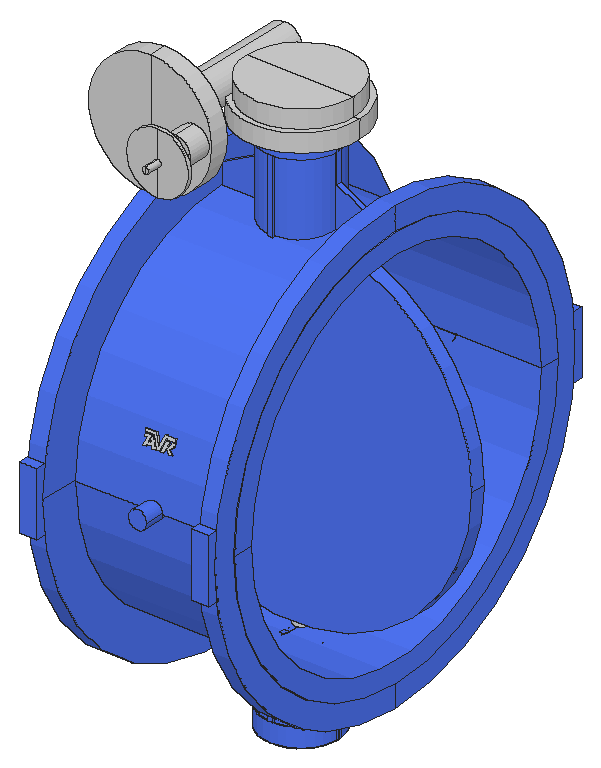
Revit family "756-102-IS4-DN150-1200", category Pipe Accessories, Revit 2019
Family settings
  Round Connector Dimension = Use Diameter
  Part Type = Valve - Breaks Into
  Work Plane-Based = No
  Always vertical = Yes
  Cut with Voids When Loaded = No
  Shared = No
Parameters (values of type "DN1200-PN25")
  W2_ref = size_lookup(Search_table, "W2_Ref", 0.00 mm, DN)  # 204.00 mm
  W2_Ref_2 = W2_ref / 2  # 102.00 mm
  Rib_dia = size_lookup(Search_table, "Rib_Dia", 0.00 mm, DN) / 2  # 40.00 mm
  Offset = size_lookup(Search_table, "Offset", 0.00 mm, DN)  # 3.00 mm
  GB_Width_Ref = if(DN > 599.00 mm, L / 3, if(DN > 149.00 mm, GB_Width, GB_Width))  # 210.00 mm
  GB_Width_3 = size_lookup(Search_table, "GB_Width", 0.00 mm, DN) / 2  # 195.00 mm
  GB_HW = size_lookup(Search_table, "GB_HW", 0.00 mm, DN) / 2  # 260.00 mm
  Disc_width = if(DN > 999.00 mm, 50.00 mm, if(DN > 699.00 mm, 40.00 mm, if(DN > 499.00 mm, 35.00 mm, if(DN > 399.00 mm, 25.00 mm, if(DN > 349.00 mm, 20.00 mm, if(DN > 249.00 mm, 15.00 mm, if(DN > 149.00 mm, 10.00 mm, 10.00 mm)))))))  # 50.00 mm
  Disc_Dia = size_lookup(Search_table, "Disc_Dia", 0.00 mm, DN)  # 1172.50 mm
  DN900-PN25 = "756-0900-1-74002"
  DN900 = yes
  DN800-PN25 = "756-0800-1-74002"
  DN800 = yes
  DN700-PN25 = "756-0700-1-74002"
  DN700 = yes
  DN1200-PN25 = "756-1200-1-74002"
  DN1200 = yes
  DN1000-PN25 = "756-1000-1-74002"
  DN1000 = yes
  C_Rod = if(DN > 999.00 mm, 48.00 mm, if(DN > 699.00 mm, 38.00 mm, if(DN > 499.00 mm, 33.00 mm, if(DN > 399.00 mm, 23.00 mm, if(DN > 349.00 mm, 18.00 mm, if(DN > 249.00 mm, 13.00 mm, if(DN > 149.00 mm, 9.00 mm, 9.00 mm)))))))  # 48.00 mm
  C = size_lookup(Search_table, "C", 0.00 mm, DN)  # 382.00 mm
  W4 = size_lookup(Search_table, "W4", 0.00 mm, DN)  # 987.00 mm
  W3 = size_lookup(Search_table, "W3", 0.00 mm, DN)  # 982.00 mm
  W2 = size_lookup(Search_table, "W2", 0.00 mm, DN)  # 1161.00 mm
  W1 = size_lookup(Search_table, "W1", 0.00 mm, DN)  # 768.00 mm
  URL_product_pages = "https://www.avkvalves.com/P.aspx?no=7560150174002"
  Rib_width_2 = Gear_box_Mount_Flange_width * 2  # 250.00 mm
  Rib_width = L - (Flange_Thickness * 2)  # 510.00 mm
  Rib_height_2 = H1 - Flange_OD  # 154.50 mm
  Rib_depth = if(DN > 149.00 mm, 15.00 mm, if(DN > 299.00 mm, 15.00 mm, if(DN > 399.00 mm, 20.00 mm, 20.00 mm)))  # 15.00 mm
  Rib_height = Flange_OD / 1.1  # 675.00 mm
  Rf_Dia = size_lookup(Search_table, "RF_Dia", 0.00 mm, DN) / 2  # 666.00 mm
  RF_Cut_Thickness = 5.00 mm  # constant formula
  Pin_width = L / 2  # 315.00 mm
  Pin_dia = 60.00 mm
  Pin_Depth = (DN + size_lookup(Search_table, "Flange_OD", 0.00 mm, DN)) / 2  # 1342.50 mm
  L2 = size_lookup(Search_table, "L2", 0.00 mm, DN)  # 272.00 mm
  L1 = size_lookup(Search_table, "L1", 0.00 mm, DN)  # 268.00 mm
  L = size_lookup(Search_table, "L", 0.00 mm, DN)  # 630.00 mm
  ID (Radius) = DN / 2  # 600.00 mm
  H3 = size_lookup(Search_table, "H3", 0.00 mm, DN)  # 899.00 mm
  H2 = size_lookup(Search_table, "H2", 0.00 mm, DN)  # 899.00 mm
  H1 = B - GB_Dia  # 897.00 mm
  Gear_box_depth = A - Body_wallthickness - 25.00 mm  # 470.00 mm
  GB_Width_2 = GB_Width_3 * 0.9  # 175.50 mm
  GB_Width = C - L / 2  # 67.00 mm
  GB_Flange = 5.00 mm  # constant formula
  GB_Dia = size_lookup(Search_table, "GB_Dia", 0.00 mm, DN) / 2  # 60.00 mm
  Flange_Thickness = size_lookup(Search_table, "Flange_Thickness", 0.00 mm, DN)  # 60.00 mm
  Flange_OD = size_lookup(Search_table, "Flange_OD", 0.00 mm, DN) / 2  # 742.50 mm
  Description_ = "AVK_DOUBLE_ECCENTRIC_BUTTERFLY_VALVE"
  DN = 1200.00 mm
  Search_table = "756-102-IS3-DN150-1200"
  Disk_2 = size_lookup(Search_table, "Disk_2", 0.00 mm, DN)  # 25.00 mm
  Disk_1 = size_lookup(Search_table, "Disk_1", 0.00 mm, DN)  # 25.00 mm
  DN600_PN25 = "756-0600-1-74002"
  DN600 = yes
  DN500_PN25 = "756-0500-1-74002"
  DN500 = yes
  DN450_PN25 = "756-0450-1-74002"
  DN450 = yes
  DN400_PN25 = "756-0400-1-74002"
  DN400 = yes
  DN350_PN25 = "756-0350-1-74002"
  DN350 = yes
  DN300_PN25 = "756-0300-1-74002"
  DN300 = yes
  DN250_PN25 = "756-0250-1-74002"
  DN250 = yes
  DN200_PN25 = "756-0200-1-74002"
  DN200 = yes
  DN150_PN25 = "756-0150-1-74002"
  DN150 = yes
  D1 = size_lookup(Search_table, "D1", 0.00 mm, DN) / 2  # 10.00 mm
  Bottom_Depth = DN * 1.5  # 1800.00 mm
  Gear_box_Mount_width = size_lookup(Search_table, "Gear_box_Mount_width", 0.00 mm, DN) / 2  # 120.00 mm
  Gear_box_Mount_Flange_width = size_lookup(Search_table, "Gear_box_Mount_Flange_width", 0.00 mm, DN) / 2  # 125.00 mm
  Body_wallthickness = 10.00 mm  # constant formula
  B = size_lookup(Search_table, "B", 0.00 mm, DN)  # 957.00 mm
  A2 = A / 1.7  # 297.059 mm
  A = size_lookup(Search_table, "A", 0.00 mm, DN)  # 505.00 mm
Types (15, lengths in mm): name | W2_ref | W2_Ref_2 | Rib_dia | Offset | GB_Width_Ref | GB_Width_3 | GB_HW | Disc_width | Disc_Dia | DN900-PN25 | DN800-PN25 | C_Rod | C | W4 | W3 | W2 | W1 | Rib_width_2 | Rib_width | Rib_height_2 | Rib_height | Rf_Dia | Pin_width | Pin_dia | Pin_Depth | L2 | L1 | L | ID (Radius) | H3 | H2 | H1 | Gear_box_depth | GB_Width_2 | GB_Width | GB_Dia | Flange_Thickness | Flange_OD | DN | Disk_2 | Disk_1 | Bottom_Depth | Gear_box_Mount_width | Gear_box_Mount_Flange_width | B | A2 | A
  (no name) | 204.00 | 102.00 | 40.00 | 3.00 | 210.00 | 195.00 | 260.00 | 50.00 | 1172.50 | "756-0900-1-74002" | "756-0800-1-74002" | 48.00 | 382.00 | 987.00 | 982.00 | 1161.00 | 768.00 | 250.00 | 510.00 | 154.50 | 675.00 | 666.00 | 315.00 | 60.00 | 1342.50 | 272.00 | 268.00 | 630.00 | 600.00 | 899.00 | 899.00 | 897.00 | 470.00 | 175.50 | 67.00 | 60.00 | 60.00 | 742.50 | 1200.00 | 25.00 | 25.00 | 1800.00 | 120.00 | 125.00 | 957.00 | 297.059 | 505.00
  DN0150-PN25 | 35.00 | 17.50 | 35.00 | 3.00 | 71.00 | 85.00 | 35.00 | 10.00 | 133.00 | "756-0900-1-74002\r\n756-1000-1-74002" | "756-0800-1-74002\r\n150\r\n200\r\n250\r\n300\r\n350\r\n400\r\n450\r\n500\r\n600\r\n700\r\n800\r\nPN25\r\nPN25\r\nPN25\r\nPN25\r\nPN25\r\nPN25\r\nPN25\r\nPN25\r\nPN25\r\nPN25\r\nPN25\r\n210\r\n230\r\n250\r\n270\r\n290\r\n310\r\n330\r\n350\r\n390\r\n430\r\n470\r\n-\r\n-\r\n-\r\n1\r\n19\r\n34\r\n48\r\n63\r\n92\r\n124\r\n155\r\n-\r\n-\r\n-\r\n12\r\n25\r\n40\r\n54\r\n69\r\n98\r\n130\r\n161\r\n192\r\n226\r\n268\r\n303\r\n331\r\n373\r\n411\r\n454\r\n541\r\n566\r\n650\r\n162\r\n190\r\n223\r\n253\r\n288\r\n320\r\n345\r\n375\r\n430\r\n483\r\n546\r\n278\r\n312\r\n350.5\r\n420\r\n445\r\n487\r\n572\r\n615\r\n701\r\n740\r\n921\r\n-\r\n-\r\n-\r\n17\r\n155\r\n217\r\n270\r\n325\r\n424\r\n527\r\n626\r\n-\r\n-\r\n-\r\n115\r\n176\r\n234\r\n285\r\n338\r\n434\r\n537\r\n635\r\n20\r\n20\r\n20\r\n20\r\n20\r\n20\r\n20\r\n20\r\n20\r\n20\r\n20\r\n122\r\n118\r\n263\r\n269\r\n269\r\n269\r\n355\r\n355\r\n342\r\n342\r\n469\r\n216\r\n249\r\n288\r\n325\r\n350\r\n392\r\n447\r\n490\r\n576\r\n615\r\n717\r\n176\r\n191\r\n230\r\n173\r\n183\r\n193\r\n205\r\n215\r\n277\r\n297\r\n266\r\nF10\r\nF10\r\nF10\r\nF10\r\nF10\r\nF10\r\nF10\r\nF10\r\nF14\r\nF10\r\nF10\r\n39\r\n56\r\n93\r\n117\r\n152\r\n191\r\n277\r\n325\r\n501\r\n672\r\n975\r\n2/3\r\nthosch - 21-Jun-2022 11:33\r\n756-0800-1-74002" | 9.00 | 176.00 | 6.00 | 6.00 | 278.00 | 162.00 | 90.00 | 180.00 | 38.50 | 129.545 | 105.50 | 105.00 | 30.00 | 217.50 | 1.00 | 1.00 | 210.00 | 75.00 | 200.00 | 192.00 | 181.00 | 87.00 | 76.50 | 71.00 | 35.00 | 15.00 | 142.50 | 150.00 | 2.00 | 2.00 | 225.00 | 40.00 | 45.00 | 216.00 | 71.765 | 122.00
  DN0200-PN25 | 35.00 | 17.50 | 35.00 | 5.00 | 76.00 | 85.00 | 35.00 | 10.00 | 180.00 | "756-0900-1-74002" | "756-0800-1-74002" | 9.00 | 191.00 | 6.00 | 6.00 | 312.00 | 190.00 | 90.00 | 200.00 | 44.00 | 154.545 | 133.00 | 115.00 | 30.00 | 270.00 | 1.00 | 1.00 | 230.00 | 100.00 | 226.00 | 226.00 | 214.00 | 83.00 | 76.50 | 76.00 | 35.00 | 15.00 | 170.00 | 200.00 | 2.00 | 2.00 | 300.00 | 40.00 | 45.00 | 249.00 | 69.412 | 118.00
  DN0250-PN25 | 35.00 | 17.50 | 35.00 | 5.00 | 105.00 | 85.00 | 35.00 | 15.00 | 227.00 | "756-0900-1-74002" | "756-0800-1-74002" | 13.00 | 230.00 | 6.00 | 6.00 | 350.50 | 223.00 | 100.00 | 220.00 | 50.50 | 184.091 | 159.50 | 125.00 | 30.00 | 327.50 | 1.00 | 1.00 | 250.00 | 125.00 | 268.00 | 268.00 | 253.00 | 228.00 | 76.50 | 105.00 | 35.00 | 15.00 | 202.50 | 250.00 | 2.00 | 2.00 | 375.00 | 45.00 | 50.00 | 288.00 | 154.706 | 263.00
  DN0300-PN25 | 35.00 | 17.50 | 35.00 | 6.00 | 38.00 | 92.50 | 35.00 | 15.00 | 282.17 | "756-0900-1-74002" | "756-0800-1-74002" | 13.00 | 173.00 | 115.00 | 17.00 | 420.00 | 253.00 | 120.00 | 230.00 | 60.00 | 209.091 | 185.00 | 135.00 | 40.00 | 380.00 | 12.00 | 1.00 | 270.00 | 150.00 | 303.00 | 303.00 | 290.00 | 234.00 | 83.25 | 38.00 | 35.00 | 20.00 | 230.00 | 300.00 | 20.00 | 3.00 | 450.00 | 55.00 | 60.00 | 325.00 | 158.235 | 269.00
  DN0350-PN25 | 35.00 | 17.50 | 35.00 | 3.00 | 38.00 | 92.50 | 35.00 | 20.00 | 334.00 | "756-0900-1-74002" | "756-0800-1-74002" | 18.00 | 183.00 | 176.00 | 155.00 | 445.00 | 288.00 | 120.00 | 250.00 | 55.00 | 236.364 | 214.50 | 145.00 | 40.00 | 435.00 | 25.00 | 19.00 | 290.00 | 175.00 | 331.00 | 331.00 | 315.00 | 234.00 | 83.25 | 38.00 | 35.00 | 20.00 | 260.00 | 350.00 | 20.00 | 20.00 | 525.00 | 55.00 | 60.00 | 350.00 | 158.235 | 269.00
  DN0400-PN25 | 37.50 | 18.75 | 37.50 | 3.00 | 38.00 | 95.00 | 37.50 | 25.00 | 382.71 | "756-0900-1-74002" | "756-0800-1-74002" | 23.00 | 193.00 | 234.00 | 217.00 | 487.00 | 320.00 | 130.00 | 270.00 | 64.50 | 263.636 | 240.00 | 155.00 | 40.00 | 490.00 | 40.00 | 34.00 | 310.00 | 200.00 | 373.00 | 373.00 | 354.50 | 234.00 | 85.50 | 38.00 | 37.50 | 20.00 | 290.00 | 400.00 | 20.00 | 20.00 | 600.00 | 60.00 | 65.00 | 392.00 | 158.235 | 269.00
  DN0500-PN25 | 39.00 | 19.50 | 39.00 | 3.00 | 40.00 | 105.00 | 39.00 | 35.00 | 482.61 | "756-0900-1-74002" | "756-0800-1-74002" | 33.00 | 215.00 | 338.00 | 325.00 | 615.00 | 375.00 | 135.00 | 290.00 | 116.00 | 304.545 | 291.00 | 175.00 | 60.00 | 585.00 | 69.00 | 63.00 | 350.00 | 250.00 | 454.00 | 454.00 | 451.00 | 320.00 | 94.50 | 40.00 | 39.00 | 30.00 | 335.00 | 500.00 | 20.00 | 20.00 | 750.00 | 62.50 | 67.50 | 490.00 | 208.824 | 355.00
  DN0600-PN25 | 125.00 | 62.50 | 39.00 | 3.00 | 130.00 | 110.00 | 95.00 | 35.00 | 579.93 | "756-0900-1-74002" | "756-0800-1-74002" | 33.00 | 277.00 | 434.00 | 424.00 | 701.00 | 430.00 | 155.00 | 330.00 | 147.00 | 354.545 | 341.00 | 195.00 | 60.00 | 690.00 | 98.00 | 92.00 | 390.00 | 300.00 | 541.00 | 541.00 | 537.00 | 307.00 | 99.00 | 82.00 | 39.00 | 30.00 | 390.00 | 600.00 | 20.00 | 20.00 | 900.00 | 72.50 | 77.50 | 576.00 | 201.176 | 342.00
  DN0450-PN25 | 37.50 | 18.75 | 37.50 | 3.00 | 40.00 | 100.00 | 37.50 | 25.00 | 430.22 | "756-0900-1-74002" | "756-0800-1-74002" | 23.00 | 205.00 | 285.00 | 270.00 | 572.00 | 345.00 | 135.00 | 270.00 | 89.50 | 290.909 | 265.00 | 165.00 | 60.00 | 545.00 | 54.00 | 48.00 | 330.00 | 225.00 | 411.00 | 411.00 | 409.50 | 320.00 | 90.00 | 40.00 | 37.50 | 30.00 | 320.00 | 450.00 | 20.00 | 20.00 | 675.00 | 62.50 | 67.50 | 447.00 | 208.824 | 355.00
  DN0700-PN25 | 125.00 | 62.50 | 37.50 | 3.00 | 143.333 | 130.00 | 95.00 | 40.00 | 684.00 | "756-0900-1-74002" | "756-0800-1-74002" | 38.00 | 297.00 | 537.00 | 527.00 | 740.00 | 483.00 | 180.00 | 350.00 | 120.25 | 413.636 | 397.00 | 215.00 | 60.00 | 805.00 | 130.00 | 124.00 | 430.00 | 350.00 | 566.00 | 566.00 | 575.25 | 307.00 | 117.00 | 82.00 | 39.75 | 40.00 | 455.00 | 700.00 | 25.00 | 25.00 | 1050.00 | 85.00 | 90.00 | 615.00 | 201.176 | 342.00
  DN0800-PN25 | 204.00 | 102.00 | 40.00 | 3.00 | 156.667 | 140.00 | 155.00 | 40.00 | 786.50 | "756-0900-1-74002" | "756-0800-1-74002" | 38.00 | 266.00 | 635.00 | 626.00 | 921.00 | 546.00 | 180.00 | 390.00 | 157.00 | 465.909 | 450.00 | 235.00 | 60.00 | 912.50 | 161.00 | 155.00 | 470.00 | 400.00 | 650.00 | 650.00 | 669.50 | 434.00 | 126.00 | 31.00 | 47.50 | 40.00 | 512.50 | 800.00 | 25.00 | 25.00 | 1200.00 | 85.00 | 90.00 | 717.00 | 275.882 | 469.00
  DN0900-PN25 | 204.00 | 102.00 | 40.00 | 3.00 | 170.00 | 155.00 | 175.00 | 40.00 | 886.50 | "756-0900-1-74002" | "756-0800-1-74002" | 38.00 | 286.00 | 729.00 | 721.00 | 971.00 | 593.00 | 200.00 | 420.00 | 152.50 | 510.909 | 500.00 | 255.00 | 60.00 | 1012.00 | 191.00 | 185.00 | 510.00 | 450.00 | 701.00 | 701.00 | 714.50 | 434.00 | 139.50 | 31.00 | 52.50 | 45.00 | 562.00 | 900.00 | 25.00 | 25.00 | 1350.00 | 95.00 | 100.00 | 767.00 | 275.882 | 469.00
  DN1000-PN25 | 204.00 | 102.00 | 40.00 | 3.00 | 183.333 | 175.00 | 203.50 | 50.00 | 986.00 | "756-0900-1-74002" | "756-0800-1-74002" | 48.00 | 306.00 | 824.00 | 813.00 | 1041.00 | 663.00 | 220.00 | 450.00 | 154.50 | 570.455 | 556.00 | 275.00 | 60.00 | 1127.50 | 222.00 | 218.00 | 550.00 | 500.00 | 771.00 | 771.00 | 782.00 | 434.00 | 157.50 | 31.00 | 55.00 | 50.00 | 627.50 | 1000.00 | 25.00 | 25.00 | 1500.00 | 105.00 | 110.00 | 837.00 | 275.882 | 469.00
  DN1200-PN25 | 204.00 | 102.00 | 40.00 | 3.00 | 210.00 | 195.00 | 260.00 | 50.00 | 1172.50 | "756-0900-1-74002" | "756-0800-1-74002" | 48.00 | 382.00 | 987.00 | 982.00 | 1161.00 | 768.00 | 250.00 | 510.00 | 154.50 | 675.00 | 666.00 | 315.00 | 60.00 | 1342.50 | 272.00 | 268.00 | 630.00 | 600.00 | 899.00 | 899.00 | 897.00 | 470.00 | 175.50 | 67.00 | 60.00 | 60.00 | 742.50 | 1200.00 | 25.00 | 25.00 | 1800.00 | 120.00 | 125.00 | 957.00 | 297.059 | 505.00
Reference planes
  plane 1 "Center (Front/Back)": y = 0
  plane 2: z = 0
  plane 3 "Center (Left/Right)": x = 0
  plane 4: y = 600
  plane 5: y = 610
  plane 6: x = 315
  plane 7: x = 255
  plane 8: x = -255
  plane 9: x = -315
  plane 10: z = 897
  plane 11: x = 125
  plane 12: z = 837
  plane 13: z = -897
  plane 14: x = 125
  plane 15: z = -837
  plane 16: x = 120
  plane 17: x = 125
  plane 18: x = -125
  plane 19: z = 897
  plane 20: z = 742.5
  plane 21: z = 600
  plane 22: x = 255
  plane 23: x = -255
  plane 24: z = 675
  plane 25: y = 7.5
  plane 26: y = -7.5
  plane 27: x = 125
  plane 28: x = -125
  plane 29: z = -897
  plane 30: z = -742.5
  plane 31: z = -600
  plane 32: x = 255
  plane 33: x = -255
  plane 34: z = -675
  plane 35: y = 125
  plane 36: y = -125
  plane 37: x = -7.5
  plane 38: x = 7.5
  plane 39: z = 105
  plane 40: z = -105
  plane 41: y = -768
  plane 42: y = 768
  plane 43: y = -172
  plane 44: z = -899
  plane 45: x = 120
  plane 46: y = 600
  plane 47: y = -600
  plane 48: y = 671.25
  plane 49: y = -671.25
  plane 50: z = 1161
  plane 51: z = 957
  plane 52: y = -505
  plane 53: x = -67
  plane 54: z = 997
  plane 55: x = -62
  plane 56: x = -72
  plane 57: z = 962
  plane 58: z = 952
  plane 59: x = -27
  plane 60: x = -107
  plane 61: z = 917
  plane 62: x = -210
  plane 63: y = 25
  plane 64: y = -25
  plane 65: z = 57.131
  plane 66: z = -57.131
  plane 67: z = 496.332
  plane 68: z = 492.509
  plane 69: z = -496.332
  plane 70: z = -492.509
  plane 71: z = 285.986
Forms (mm)
  Revolve 1, solid, material "Plastic"
    sketch origin (0, 0, 0) x (1, 0, 0) y (0, 1, 0)
      loop
        line (-255, 610) -> (-255, 742.5) -> (-315, 742.5) -> (-315, 600) -> (315, 600) -> (315, 742.5) -> (255, 742.5) -> (255, 610) -> (-255, 610)
      axis (-315, 0) -> (315, 0)
    angle from 0 to 360
  Revolve 2, solid, material "Plastic"
    sketch origin (0, 0, 0) x (1, 0, 0) y (0, 0, 1)
      loop
        line (120, 837) -> (125, 837) -> (125, 897) -> (0, 897) -> (0, 600) -> (120, 600) -> (120, 837)
      axis (0, 897) -> (0, 600)
    angle from 0 to 360
  Revolve 3, solid, material "Plastic"
    sketch origin (0, 0, 0) x (1, 0, 0) y (0, 0, -1)
      loop
        line (120, 600) -> (120, 837) -> (125, 837) -> (125, 897) -> (0, 897) -> (0, 600) -> (120, 600)
      axis (0, 897) -> (0, 600)
    angle from 0 to 360
  Revolve 4, solid, material "Plastic"
    sketch origin (0, 0, 0) x (1, 0, 0) y (0, 0, 1)
      loop
        line (0, -897) -> (0, -899) -> (125, -899) -> (125, -897) -> (0, -897)
      axis (0, -899) -> (0, -897)
    angle from 0 to 360
  Extrusion 5, solid, material "Plastic"
    sketch origin (0, 0, 0) x (1, 0, 0) y (0, 0, 1)
      loop
        line (125, 897) -> (-125, 897) -> (-125, 742.5) -> (-255, 675) -> (-255, 600) -> (255, 600) -> (255, 675) -> (125, 742.5) -> (125, 897)
    from -7.5 to 7.5
  Extrusion 6, solid, material "Plastic"
    sketch origin (0, 0, 0) x (1, 0, 0) y (0, 0, 1)
      loop
        line (125, -897) -> (125, -742.5) -> (255, -675) -> (255, -600) -> (-255, -600) -> (-255, -675) -> (-125, -742.5) -> (-125, -897) -> (125, -897)
    from -7.5 to 7.5
  Extrusion 7, solid, material "Plastic"
    sketch origin (0, 0, 0) x (0, 1, 0) y (0, 0, 1)
      loop
        line (125, 837) -> (-125, 837) -> (-125, -837) -> (125, -837) -> (125, 837)
    from -7.5 to 7.5
  Extrusion 8, solid, material "Plastic"
    sketch origin (0, 0, 0) x (0, 1, 0) y (0, 0, 1)
      loop
        line (768, -105) -> (768, 105) -> (735.038, 105)
        arc (735.038, 105) -> (740.632, 52.632) -> (742.5, 0) r 742.5
        arc (742.5, 0) -> (740.632, -52.632) -> (735.038, -105) r 742.5
        line (735.038, -105) -> (768, -105)
      loop
        line (-768, 105) -> (-768, -105) -> (-735.038, -105)
        arc (-735.038, -105) -> (-740.632, -52.632) -> (-742.5, 0) r 742.5
        arc (-742.5, 0) -> (-740.632, 52.632) -> (-735.038, 105) r 742.5
        line (-735.038, 105) -> (-768, 105)
    from 255 to 315
  Extrusion 9, void
    sketch origin (0, 0, 0) x (0, 1, 0) y (0, 0, 1)
      loop
        circle (0, 0) r 600
    from -315 to 315
  Extrusion 10, solid, material "Plastic"
    sketch origin (0, 0, 0) x (0, 1, 0) y (0, 0, -1)
      loop
        line (-768, -105) -> (-735.038, -105)
        arc (-735.038, -105) -> (-740.632, -52.632) -> (-742.5, 0) r 742.5
        arc (-742.5, 0) -> (-740.632, 52.632) -> (-735.038, 105) r 742.5
        line (-735.038, 105) -> (-768, 105) -> (-768, -105)
      loop
        line (768, 105) -> (735.038, 105)
        arc (735.038, 105) -> (740.632, 52.632) -> (742.5, 0) r 742.5
        arc (742.5, 0) -> (740.632, -52.632) -> (735.038, -105) r 742.5
        line (735.038, -105) -> (768, -105) -> (768, 105)
    from 255 to 315
  Extrusion 11, solid, material "Plastic"
    sketch origin (0, 0, 0) x (1, 0, 0) y (0, 0, 1)
      loop
        circle (0, 0) r 30
    from -671.25 to -600
  Extrusion 12, solid, material "Plastic"
    sketch origin (0, 0, 0) x (1, 0, 0) y (0, 0, 1)
      loop
        circle (0, 0) r 30
    from 671.25 to 600
  Revolve 13, void
    sketch origin (0, 0, 0) x (1, 0, 0) y (0, 0, 1)
      loop
        line (315, 899) -> (310, 899) -> (310, 666) -> (315, 666) -> (315, 899)
      loop
        line (-315, 899) -> (-315, 666) -> (-310, 666) -> (-310, 899) -> (-315, 899)
      axis (-315, 0) -> (315, 0)
    angle from 0 to 360
  Extrusion 14, solid, material "Stainless Steel AISI 304"
    sketch origin (0, 0, 0) x (1, 0, 0) y (0, 0, 1)
      loop
        line (-72, 997) -> (-72, 962) -> (-107, 962) -> (-107, 952) -> (-72, 952) -> (-72, 917) -> (-62, 917) -> (-62, 952) -> (-27, 952) -> (-27, 962) -> (-62, 962) -> (-62, 997) -> (-72, 997)
    from 431.029 to 495
  Revolve 15, solid, material "Stainless Steel AISI 304"
    sketch origin (0, 0, 0) x (1, 0, 0) y (0, 0, 1)
      loop
        line (0, 897) -> (195, 897) -> (195, 957) -> (0, 957) -> (0, 897)
      axis (0, 897) -> (0, 957)
    angle from 0 to 360
  Revolve 16, solid, material "Stainless Steel AISI 304"
    sketch origin (0, 0, 0) x (1, 0, 0) y (0, 0, 1)
      loop
        line (0, 957) -> (175.5, 957) -> (175.5, 1017) -> (0, 1017) -> (0, 957)
      axis (0, 957) -> (0, 1017)
    angle from 0 to 360
  Revolve 17, solid, material "Stainless Steel AISI 304"
    sketch origin (-67, -1524, 167.638) x (0, 0, -1) y (0, -1, 0)
      loop
        line (-891.362, -1029) -> (-789.362, -1029) -> (-789.362, -1019) -> (-891.362, -1019) -> (-891.362, -1029)
      axis (-789.362, -1029) -> (-789.362, -1019)
    angle from 0 to 360
  Revolve 18, solid, material "Stainless Steel AISI 304"
    sketch origin (-67, -1524, 167.638) x (0, 0, -1) y (0, -1, 0)
      loop
        line (-839.362, -1166.941) -> (-789.362, -1166.941) -> (-789.362, -1092.971) -> (-839.362, -1092.971) -> (-839.362, -1166.941)
      axis (-789.362, -1166.941) -> (-789.362, -1092.971)
    angle from 0 to 360
  Revolve 19, solid, material "Stainless Steel AISI 304"
    sketch origin (-210, -1524, 508) x (0, 0, 1) y (0, -1, 0)
      loop
        line (449, -1719) -> (449, -1226.941) -> (389, -1226.941) -> (389, -1719) -> (449, -1719)
      axis (449, -1719) -> (449, -1226.941)
    angle from 0 to 360
  Revolve 20, solid, material "Stainless Steel AISI 304"
    sketch origin (-210, -1524, 508) x (0, 0, 1) y (0, -1, 0)
      loop
        line (449, -1226.941) -> (653, -1226.941) -> (653, -1166.941) -> (449, -1166.941) -> (449, -1226.941)
      axis (449, -1226.941) -> (449, -1166.941)
    angle from 0 to 360
  Revolve 21, solid, material "Stainless Steel AISI 304"
    sketch origin (-67, -1524, 167.638) x (0, 0, -1) y (0, -1, 0)
      loop
        line (-789.362, -1019) -> (-789.362, -969) -> (-799.362, -969) -> (-799.362, -1019) -> (-789.362, -1019)
      axis (-789.362, -969) -> (-789.362, -1019)
    angle from 0 to 360
  Extrusion 22, solid, material "Plastic(1)"
    sketch origin (0, 0, 0) x (1, 0, 0) y (0, 0, 1)
      loop
        circle (-3, 0) r 586.25
    from -25 to 25
  Extrusion 23, solid
    sketch origin (0, 0, 0) x (1, 0, 0) y (0, 1, 0)
      loop
        circle (0, 0) r 24
    from -899 to 897
Cuts and joins
  Extrusion 9, Revolve 13 cuts Revolve 1
  Extrusion 9 cuts Extrusion 7
  Extrusion 9, Revolve 13 cuts Extrusion 8
  Revolve 13 cuts Extrusion 10
Dimensions and locks
  equal spacing: plane 9, plane 3 "Center (Left/Right)", plane 6
  "L": plane 9 to plane 6
  "ID (Radius)": plane 4 to plane 1 "Center (Front/Back)"
  "Body_wallthickness": plane 5 to plane 4
  "Flange_Thickness": plane 7 to plane 6
  "Flange_Thickness": plane 9 to plane 8
  "Flange_OD": plane 1 "Center (Front/Back)" to Revolve 1 sketch curve
  "Flange_Thickness": plane 10 to plane 12
  "ID (Radius)": Revolve 2 sketch curve to level
  "Gear_box_Mount_Flange_width": plane 3 "Center (Left/Right)" to plane 11
  "Flange_Thickness": plane 13 to plane 15
  "H1": level to plane 13
  "ID (Radius)": level to Revolve 3 sketch curve
  "Gear_box_Mount_Flange_width": Revolve 4 sketch curve to Revolve 4 sketch curve
  "ID (Radius)": plane 21 to level
  "H1": plane 19 to level
  "Gear_box_Mount_Flange_width": plane 3 "Center (Left/Right)" to plane 17
  "Gear_box_Mount_Flange_width": plane 18 to plane 3 "Center (Left/Right)"
  "Rib_height": plane 24 to level
  equal spacing: plane 25, plane 1 "Center (Front/Back)", plane 26
  "Rib_depth": plane 25 to plane 26
  equal spacing: plane 22, plane 3 "Center (Left/Right)", plane 23
  "Rib_width": plane 22 to plane 23
  "Rib_height_2": plane 19 to plane 20
  "Rib_height_2": plane 29 to plane 30
  "Rib_height": level to plane 34
  "Gear_box_Mount_Flange_width": plane 28 to plane 3 "Center (Left/Right)"
  "Gear_box_Mount_Flange_width": plane 3 "Center (Left/Right)" to plane 27
  "ID (Radius)": level to plane 31
  "H1": level to plane 29
  equal spacing: plane 32, plane 3 "Center (Left/Right)", plane 33
  "Rib_width": plane 32 to plane 33
  equal spacing: plane 35, plane 1 "Center (Front/Back)", plane 36
  equal spacing: plane 37, plane 3 "Center (Left/Right)", plane 38
  "Rib_depth": plane 37 to plane 38
  equal spacing: plane 42, plane 1 "Center (Front/Back)", plane 41
  "W1": plane 1 "Center (Front/Back)" to plane 41
  "W1": plane 42 to plane 1 "Center (Front/Back)"
  locked: plane 39 to plane 40 at 210
  equal spacing: plane 39, level, plane 40
  "Rib_width_2": plane 35 to plane 36
  locked: plane 1 "Center (Front/Back)" to plane 43 at 172
  "H2": level to Revolve 4 sketch curve
  "H2": level to plane 44
  "W1": plane 1 "Center (Front/Back)" to Extrusion 10
  "Gear_box_Mount_width": plane 45 to plane 3 "Center (Left/Right)"
  "Gear_box_Mount_width": plane 3 "Center (Left/Right)" to plane 16
  "Gear_box_Mount_Flange_width": plane 3 "Center (Left/Right)" to plane 14
  "Pin_width": cut or joined group of Extrusion 8, Extrusion 9, Revolve 13 to Extrusion 11 sketch curve
  "H2": Extrusion 11 sketch curve to Revolve 4
  equal spacing: plane 46, plane 1 "Center (Front/Back)", plane 47
  "DN": plane 46 to plane 47
  equal spacing: plane 48, plane 1 "Center (Front/Back)", plane 49
  "Pin_Depth": plane 48 to plane 49
  "Rf_Dia": Revolve 13 sketch curve to level
  "RF_Cut_Thickness": Revolve 13 sketch curve to Revolve 13 sketch curve  (x2)
  "H3": Revolve 13 sketch curve to level
  "W2": plane 50 to level
  "H1": plane 10 to level
  "B": plane 51 to level
  "A": plane 1 "Center (Front/Back)" to plane 52
  "GB_Width_3": Revolve 15 sketch curve to Revolve 15 sketch curve
  "GB_Width_2": Revolve 16 sketch curve to plane 3 "Center (Left/Right)"
  equal spacing: Revolve 16 sketch curve, plane 51, Revolve 15
  "GB_Width": plane 3 "Center (Left/Right)" to plane 53
  "Body_wallthickness": Revolve 17 sketch curve to Revolve 17 sketch curve
  equal spacing: plane 55, plane 53, plane 56
  equal spacing: plane 59, plane 53, plane 60
  equal spacing: plane 57, plane 51, plane 58
  "Body_wallthickness": plane 57 to plane 58
  equal spacing: plane 54, plane 51, plane 61
  "Body_wallthickness": plane 55 to plane 56
  "Rib_dia": plane 53 to plane 60
  "Rib_dia": plane 54 to plane 51
  cut or joined group of Revolve 1, Extrusion 9, Revolve 13 to cut or joined group of Revolve 1, Extrusion 9, Revolve 13 = 630.00 mm
  "C": plane 53 to cut or joined group of Revolve 1, Extrusion 9, Revolve 13
  "GB_Width_Ref": plane 3 "Center (Left/Right)" to plane 62
  "GB_Width_3": Revolve 19 sketch curve to plane 1 "Center (Front/Back)"
  "Flange_Thickness": Revolve 19 to Revolve 20 sketch curve
  "D1": Revolve 21 sketch curve to Revolve 21 sketch curve
  locked: Revolve 21 sketch curve to Revolve 21 sketch curve at 50
  "Offset": plane 3 "Center (Left/Right)" to Extrusion 22 sketch curve
  equal spacing: plane 63, plane 1 "Center (Front/Back)", plane 64
  "Disc_width": plane 63 to plane 64
  equal spacing: plane 46, Extrusion 23 sketch curve, plane 47
  equal spacing: cut or joined group of Revolve 1, Extrusion 9, Revolve 13, plane 3 "Center (Left/Right)", cut or joined group of Revolve 1, Extrusion 9, Revolve 13
  Extrusion 22 to cut or joined group of Revolve 1, Extrusion 9, Revolve 13 = 274.25 mm
  cut or joined group of Revolve 1, Extrusion 9, Revolve 13 to Extrusion 22 = 268.25 mm  (x2)
  "A2": plane 1 "Center (Front/Back)" to Revolve 19 sketch curve
  equal spacing: Revolve 20, Revolve 18, Revolve 17
  "W2_ref": Revolve 20 sketch curve to Revolve 15
  equal spacing: Revolve 16, Revolve 18 sketch curve, Extrusion 14
  plane 71 to level = 285.986 mm
  "W2_Ref_2": Revolve 17 sketch curve to plane 51
  "Pin_dia": diameter of Extrusion 11 sketch curve
  "Disc_Dia": diameter of Extrusion 22 sketch curve
  "C_Rod": diameter of Extrusion 23 sketch curve
  aligned and locked: level to plane 2
  aligned and locked: Revolve 1 sketch curve to plane 4
  aligned and locked: plane 5 to Revolve 1 sketch curve
  aligned and locked: Revolve 1 sketch curve to plane 6
  aligned and locked: Revolve 1 sketch curve to plane 7
  aligned and locked: Revolve 1 sketch curve to plane 8
  aligned and locked: Revolve 1 sketch curve to plane 9
  aligned and locked: Revolve 1 sketch curve to Revolve 1 sketch curve
  aligned and locked: plane 1 "Center (Front/Back)" to Revolve 1 sketch curve
  aligned and locked: Revolve 2 sketch curve to Revolve 2 sketch curve
  aligned and locked: plane 10 to Revolve 2 sketch curve
  aligned and locked: Revolve 2 sketch curve to plane 11  (x2)
  aligned and locked: plane 12 to Revolve 2 sketch curve
  aligned and locked: Revolve 2 sketch curve to plane 3 "Center (Left/Right)"
  aligned and locked: Revolve 3 sketch curve to plane 14
  aligned and locked: plane 13 to Revolve 3 sketch curve
  aligned and locked: Revolve 4 sketch curve to Revolve 3
  aligned and locked: Revolve 4 sketch curve to plane 3 "Center (Left/Right)"  (x2)
  aligned and locked: Extrusion 5 sketch curve to plane 17  (x2)
  aligned and locked: Extrusion 5 sketch curve to plane 19
  aligned and locked: Extrusion 5 sketch curve to plane 18  (x2)
  aligned and locked: plane 19 to Extrusion 5 sketch curve
  aligned and locked: Extrusion 5 sketch curve to plane 20
  aligned and locked: plane 20 to Extrusion 5 sketch curve
  aligned and locked: Extrusion 5 sketch curve to plane 24
  aligned and locked: plane 22 to Extrusion 5 sketch curve  (x2)
  aligned and locked: plane 24 to Extrusion 5 sketch curve
  aligned and locked: plane 23 to Extrusion 5 sketch curve  (x2)
  aligned and locked: plane 21 to Extrusion 5 sketch curve
  aligned and locked: Extrusion 5 to plane 25
  aligned and locked: plane 26 to Extrusion 5
  aligned and locked: Extrusion 6 sketch curve to plane 27  (x2)
  aligned and locked: plane 32 to Extrusion 6 sketch curve  (x2)
  aligned and locked: plane 33 to Extrusion 6 sketch curve  (x2)
  aligned and locked: plane 31 to Extrusion 6 sketch curve  (x2)
  aligned and locked: Extrusion 6 sketch curve to plane 34
  aligned and locked: plane 28 to Extrusion 6 sketch curve  (x2)
  aligned and locked: Extrusion 6 sketch curve to plane 30
  aligned and locked: plane 30 to Extrusion 6 sketch curve
  aligned and locked: Extrusion 6 sketch curve to plane 29
  aligned and locked: plane 29 to Extrusion 6 sketch curve
  aligned and locked: plane 34 to Extrusion 6 sketch curve
  aligned and locked: plane 35 to Extrusion 7 sketch curve
  aligned and locked: Extrusion 7 sketch curve to plane 36
  aligned and locked: Extrusion 7 sketch curve to Revolve 2
  aligned and locked: Extrusion 7 to plane 38
  aligned and locked: Extrusion 7 to plane 37
  aligned and locked: plane 39 to Extrusion 8 sketch curve  (x2)
  aligned and locked: Extrusion 8 sketch curve to plane 39  (x2)
  aligned and locked: Extrusion 8 to Revolve 1  (x2)
  aligned and locked: Extrusion 9 sketch curve to Revolve 1  (x2)
  aligned and locked: plane 41 to Extrusion 8 sketch curve  (x2)
  aligned and locked: Extrusion 8 sketch curve to plane 40
  aligned and locked: plane 42 to Extrusion 8 sketch curve  (x2)
  aligned and locked: plane 40 to Extrusion 8 sketch curve
  aligned and locked: Extrusion 8 sketch curve to cut or joined group of Revolve 1, Extrusion 9, Revolve 13  (x4)
  aligned and locked: Extrusion 10 sketch curve to cut or joined group of Extrusion 8, Extrusion 9, Revolve 13  (x6)
  aligned and locked: Extrusion 10 sketch curve to cut or joined group of Revolve 1, Extrusion 9, Revolve 13  (x3)
  aligned and locked: Extrusion 10 to Extrusion 5
  aligned and locked: Extrusion 10 to cut or joined group of Revolve 1, Extrusion 9, Revolve 13
  aligned and locked: Revolve 2 sketch curve to plane 45  (x2)
  aligned and locked: plane 16 to Revolve 3 sketch curve
  aligned and locked: plane 15 to Revolve 3 sketch curve  (x2)
  aligned and locked: plane 3 "Center (Left/Right)" to Revolve 3 sketch curve
  aligned and locked: Revolve 3 sketch curve to plane 3 "Center (Left/Right)"
  aligned and locked: Revolve 3 sketch curve to Revolve 3 sketch curve
  aligned and locked: plane 14 to Revolve 3 sketch curve
  aligned and locked: Extrusion 11 to plane 46
  aligned and locked: Extrusion 12 sketch curve to Extrusion 11  (x2)
  aligned and locked: plane 47 to Extrusion 12
  aligned and locked: Extrusion 11 to plane 48
  aligned and locked: plane 49 to Extrusion 12
  aligned and locked: Revolve 13 sketch curve to cut or joined group of Revolve 1, Extrusion 9, Revolve 13  (x2)
  aligned and locked: Revolve 13 sketch curve to Revolve 13 sketch curve  (x2)
  aligned and locked: Revolve 13 sketch curve to plane 2
  aligned and locked: Extrusion 9 to Revolve 1  (x2)
  aligned and locked: plane 51 to Revolve 15 sketch curve
  aligned and locked: plane 3 "Center (Left/Right)" to Revolve 15 sketch curve
  aligned and locked: Revolve 16 sketch curve to plane 3 "Center (Left/Right)"
  aligned and locked: Revolve 16 sketch curve to Revolve 15
  aligned and locked: Revolve 16 sketch curve to Revolve 16 sketch curve
  aligned and locked: Revolve 17 sketch curve to plane 52
  aligned and locked: Revolve 17 sketch curve to Revolve 17 sketch curve
  aligned and locked: plane 56 to Extrusion 14 sketch curve  (x4)
  aligned and locked: plane 54 to Extrusion 14 sketch curve
  aligned and locked: Extrusion 14 sketch curve to plane 54
  aligned and locked: plane 55 to Extrusion 14 sketch curve  (x4)
  aligned and locked: plane 57 to Extrusion 14 sketch curve  (x3)
  aligned and locked: Extrusion 14 sketch curve to plane 57
  aligned and locked: Extrusion 14 sketch curve to plane 59  (x2)
  aligned and locked: Extrusion 14 sketch curve to plane 58
  aligned and locked: plane 58 to Extrusion 14 sketch curve  (x3)
  aligned and locked: Extrusion 14 sketch curve to plane 61  (x2)
  aligned and locked: plane 60 to Extrusion 14 sketch curve  (x2)
  aligned and locked: Extrusion 14 to Revolve 17
  aligned and locked: Revolve 15 sketch curve to Revolve 2
  aligned and locked: Revolve 18 sketch curve to plane 51
  aligned and locked: Revolve 18 sketch curve to Revolve 18 sketch curve
  aligned and locked: Revolve 18 to Extrusion 14
  aligned and locked: Revolve 19 sketch curve to Revolve 15  (x2)
  aligned and locked: Revolve 19 sketch curve to Revolve 19 sketch curve
  aligned and locked: Revolve 20 sketch curve to Revolve 19
  aligned and locked: plane 51 to Revolve 20 sketch curve
  aligned and locked: Revolve 20 sketch curve to Revolve 20 sketch curve
  aligned and locked: Revolve 20 to Revolve 18 sketch curve
  aligned and locked: plane 51 to Revolve 21 sketch curve
  aligned and locked: Revolve 17 to Revolve 21 sketch curve
  aligned and locked: Revolve 21 sketch curve to Revolve 21 sketch curve
  aligned and locked: Extrusion 22 to plane 63
  aligned and locked: Extrusion 22 to plane 64
  aligned and locked: cut or joined group of Extrusion 7, Extrusion 9 to Revolve 3
  aligned and locked: Revolve 2 to Extrusion 23
  aligned and locked: Extrusion 23 to Revolve 4
  aligned and locked: plane 3 "Center (Left/Right)" to nested 1
  aligned and locked: plane 51 to Revolve 17 sketch curve
Automatic sketch dimensions
  Extrusion 10 sketch curve to Extrusion 10 sketch curve = 0.00 mm
  Revolve 1 sketch curve to plane 8 = 30.00 mm
  Revolve 1 sketch curve to plane 38 = 19.183 mm
  Revolve 4 sketch curve to Revolve 4 sketch curve = 60.00 mm
  Revolve 4 sketch curve to Revolve 4 sketch curve = 15.00 mm
  Revolve 2 sketch curve to Revolve 2 sketch curve = 35.25 mm
  plane 44 to Extrusion 7 sketch curve = 62.00 mm
  Revolve 3 sketch curve to Revolve 3 sketch curve = 35.25 mm
  Revolve 15 sketch curve to Revolve 15 sketch curve = 10.50 mm
  Revolve 15 sketch curve to Revolve 15 sketch curve = 15.00 mm
  Revolve 16 sketch curve to Revolve 16 sketch curve = 3.578 mm
  Revolve 16 sketch curve to Revolve 16 sketch curve = 4.704 mm
  Revolve 15 sketch curve to plane 3 "Center (Left/Right)" = 0.00 mm
  plane 25 to Revolve 19 sketch curve = 20.00 mm
  plane 49 to Revolve 21 sketch curve = 17.00 mm
  Revolve 21 sketch curve to Revolve 21 sketch curve = 15.00 mm
  Extrusion 22 sketch curve to level = 0.00 mm
  Extrusion 23 sketch curve to plane 3 "Center (Left/Right)" = 0.00 mm
  Revolve 2 sketch curve to Revolve 2 sketch curve = 46.25 mm
  Revolve 3 sketch curve to Revolve 3 sketch curve = 46.25 mm
  Revolve 19 sketch curve to Revolve 19 sketch curve = 47.50 mm
  Revolve 20 sketch curve to Revolve 20 sketch curve = 5.00 mm
  Revolve 20 sketch curve to plane 49 = 6.985 mm
  Revolve 18 sketch curve to Revolve 18 sketch curve = 73.971 mm
  Revolve 18 sketch curve to Revolve 18 sketch curve = 17.023 mm
  plane 43 to Revolve 18 sketch curve = 20.50 mm
  Revolve 17 sketch curve to Revolve 17 sketch curve = 2.702 mm
  Revolve 17 sketch curve to Revolve 17 sketch curve = 2.298 mm
  Revolve 13 sketch curve to plane 37 = 0.50 mm
  Revolve 13 sketch curve to plane 38 = 42.50 mm
Nested families
  nested 1: "LOGO 100" at (0, -586.618, 167.272) x (1, 0, 0) z (0, -0.9617, 0.2742), type "LOGO 100"
Connectors
  piping at (-315, 0, 0), diameter 1200, driven by "DN"
    settings: on Revolve 1, index 1, connector inside diameter 609.6 mm, connector length 0.00 mm, flow factor 0, pipe flow 0.0 L/s, pressure drop 0.0 Pa, fitting loss kfactor 0, connector angle 0.00°, fixture units 0, engagement length 0.00 mm, angle of deflection 0.00°, flow configuration 0, flow direction 0, fitting loss method 0, system type 7, joint type 0, gender type 0, connector reference index -1, connector utility 0, adjustable connector no, is connector primary yes, connector description ""
  piping at (315, 0, 0), diameter 1200, driven by "DN"
    settings: on Revolve 1, index 2, connector inside diameter 609.6 mm, connector length 0.00 mm, flow factor 0, pipe flow 0.0 L/s, pressure drop 0.0 Pa, fitting loss kfactor 0, connector angle 0.00°, fixture units 0, engagement length 0.00 mm, angle of deflection 0.00°, flow configuration 0, flow direction 0, fitting loss method 0, system type 7, joint type 0, gender type 0, connector reference index -1, connector utility 0, adjustable connector no, is connector primary no, connector description ""
Definition of nested family "LOGO 100"
  Parameters (values of type "LOGO 100")
    Default Elevation = 1219.20 mm
    DN100 = yes
  Reference planes
    plane 1 "Center (Front/Back)": y = 0
    plane 2: z = 0
    plane 3 "Center (Left/Right)": x = 0
  Forms (mm)
    Extrusion 1, solid
      sketch origin (0, 0, 0) x (1, 0, 0) y (0, 1, 0)
        loop
          line (-1219.2, 1219.2) -> (-1219.2, -1219.2) -> (1219.2, -1219.2) -> (1219.2, 1219.2) -> (-1219.2, 1219.2)
      from 0 to -304.8
    Extrusion 2, solid, visible <- "DN100"
      sketch origin (0, 0, 0) x (1, 0, 0) y (0, 1, 0)
        loop
          line (-13.414, 47.067) -> (-49.421, 47.067) -> (-49.421, 37.301) -> (-20.11, 37.301) -> (-4.923, 0) -> (4.923, 0) -> (20.11, 37.301) -> (49.421, 37.301) -> (49.421, 47.067) -> (13.414, 47.067) -> (0, 14.12) -> (-13.414, 47.067)
        loop
          line (-49.421, 24.122) -> (-40.161, 24.122) -> (-49.421, 0) -> (-38.959, 0) -> (-36.972, 5.177) -> (-21.641, 5.177) -> (-19.533, 0) -> (-8.989, 0) -> (-22.642, 33.536) -> (-49.421, 33.536) -> (-49.421, 24.122)
        loop
          line (-34.548, 14.12) -> (-25.282, 14.12) -> (-30.051, 25.833) -> (-34.548, 14.12)
        loop
          line (22.642, 33.536) -> (8.989, 0) -> (19.533, 0) -> (24.902, 13.186) -> (34.838, 0) -> (47.067, 0) -> (35.829, 14.914)
          arc (35.829, 14.914) -> (42.384, 18.149) -> (46.597, 24.122) r 14.826
          line (46.597, 24.122) -> (49.421, 24.122) -> (49.421, 33.536) -> (40.007, 33.536)
          arc (40.007, 33.536) -> (36.577, 25.039) -> (28.208, 21.306) r 12.238
          line (28.208, 21.306) -> (33.187, 33.536) -> (22.642, 33.536)
      from 0 to 1
  Dimensions and locks
    aligned and locked: plane 2 to Extrusion 1
    aligned and locked: level to Extrusion 1
